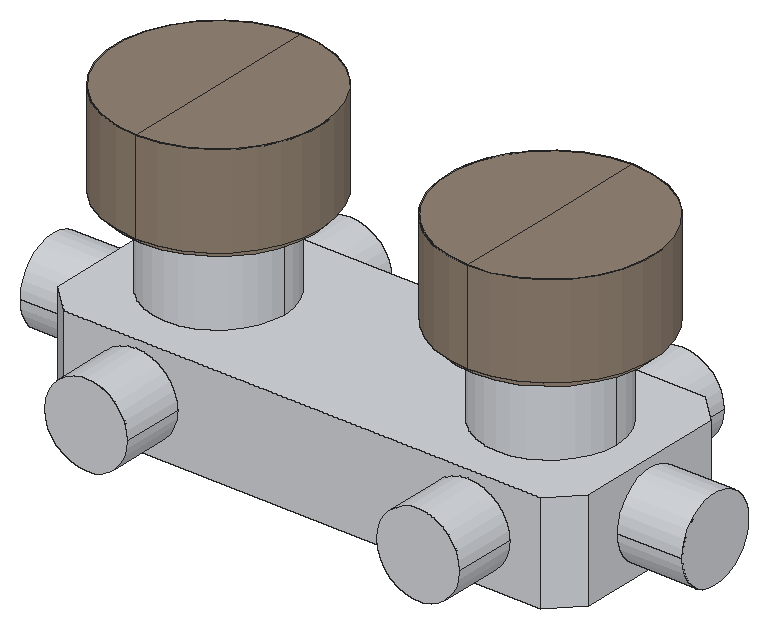
Revit family "Reece_Tap_Milli_Pure_Dual Mixer_Progressive_Wall Mount_Linear Texture", category Plumbing Fixtures, host Face, Revit 2018
Family settings
  Host = Face
  Round Connector Dimension = Use Diameter
  Part Type = Normal
  Cut with Voids When Loaded = No
  Shared = Yes
  Room Calculation Point = Yes
Parameters (values of type "PVD Brushed Bronze")
  WFU = 0  # constant formula
  URL = "https://www.reece.com.au/product/-9511038"
  Type Comments = "Tap"
  Reece_Tap_Inlet = 12 mm  # constant formula
  Reece_Product_Web Page = "https://www.reece.com.au/product/-9511038"
  Reece_Product_Type = "Tap"  # constant formula
  Reece_Product_Sub Brand = "Pure"  # constant formula
  Reece_Product_Number = "9511038"
  Reece_Product_Mount = "Wall Mounted"
  Reece_Product_Description = "Milli Pure Progressive Dual Mixer Tap System with Linear Textured Handles PVD Brushed Bronze"
  Reece_Product_Brand = "Milli"  # constant formula
  Reece_Overall_Width = 62 mm  # constant formula
  Reece_Overall_Height = 30 mm  # constant formula
  Reece_Material_Secondary = Reece_PVD_Brushed Bronze_Linear Pattern
  Reece_Material-Main = Reece_PVD_Brushed Bronze
  Reece_Detail_Tap_Handle Texture = "Linear Texture"  # constant formula
  Reece_Detail_Installation = ""
  Reece_Detail_Disclaimer = "THIS FILE IS THE PROPERTY OF THE REECE GROUP. IT MAY NOT BE REPRODUCED, REVERSE-ENGINEERED OR MODIFIED. ANY REPUBLICATION, TRANSMISSION OR DISTRIBUTION FOR THE PURPOSE OF COMMERCIALLY EXPLOITING THE FILES IS PROHIBITED."  # constant formula
  Reece_Detail_Connector = ""
  Reece_Detail_Additional = ""
  Reece_3D Texture = no
  Reece_3D Simplified Geometry = not(Reece_3D Texture)  # yes
  Model = "Pure"
  Manufacturer = "Milli"
  Keynote = "Product #9511038, Reece_Tap_Milli_Pure_Dual Mixer_Progressive_Wall Mount_Linear Texture - PVD Brushed Bronze"
  HWFU = 0  # constant formula
  Disclaimer = "THIS FILE IS THE PROPERTY OF THE REECE GROUP. IT MAY NOT BE REPRODUCED, REVERSE-ENGINEERED OR MODIFIED. ANY REPUBLICATION, TRANSMISSION OR DISTRIBUTION FOR THE PURPOSE OF COMMERCIALLY EXPLOITING THE FILES IS PROHIBITED."  # constant formula
  Description = "Milli Pure Progressive Dual Mixer Tap System with Linear Textured Handles PVD Brushed Bronze"
  Default Elevation = 1000 mm
  CWFU = 0  # constant formula
Types (7, lengths in mm): name | URL | Reece_Product_Web Page | Reece_Product_Number | Reece_Product_Description | Reece_Material_Secondary | Reece_Material-Main | Keynote | Description
  (no name) | "https://www.reece.com.au/product/-2224768" | "https://www.reece.com.au/product/-2224768" | "2224768" | "Milli Pure Progressive Dual Mixer Tap System with Linear Textured Handles Brushed Gunmetal" | Reece_Brass_Brushed Gunmetal_Linear Pattern | Reece_Brass_Brushed Gunmetal | "Product #2224768, Reece_Tap_Milli_Pure_Dual Mixer_Progressive_Wall Mount_Linear Texture -  " | "Milli Pure Progressive Dual Mixer Tap System with Linear Textured Handles Brushed Gunmetal"
  Brushed Gunmetal | "https://www.reece.com.au/product/-2224768" | "https://www.reece.com.au/product/-2224768" | "2224768" | "Milli Pure Progressive Dual Mixer Tap System with Linear Textured Handles Brushed Gunmetal" | Reece_Brass_Brushed Gunmetal_Linear Pattern | Reece_Brass_Brushed Gunmetal | "Product #2224768, Reece_Tap_Milli_Pure_Dual Mixer_Progressive_Wall Mount_Linear Texture - Brushed Gunmetal" | "Milli Pure Progressive Dual Mixer Tap System with Linear Textured Handles Brushed Gunmetal"
  Chrome | "https://www.reece.com.au/product/-2224766" | "https://www.reece.com.au/product/-2224766" | "2224766" | "Milli Pure Progressive Dual Mixer Tap System with Linear Textured Handles Chrome" | Reece_Brass_Chrome_Linear Pattern | Reece_Brass_Chrome | "Product #2224766, Reece_Tap_Milli_Pure_Dual Mixer_Progressive_Wall Mount_Linear Texture - Chrome" | "Milli Pure Progressive Dual Mixer Tap System with Linear Textured Handles Chrome"
  Matte Black | "https://www.reece.com.au/product/-2224769" | "https://www.reece.com.au/product/-2224769" | "2224769" | "Milli Pure Progressive Dual Mixer Tap System with Linear Textured Handles Matte Black" | Reece_Brass_Matte Black_Linear Pattern | Reece_Brass_Matte Black | "Product #2224769, Reece_Tap_Milli_Pure_Dual Mixer_Progressive_Wall Mount_Linear Texture - Matte Black" | "Milli Pure Progressive Dual Mixer Tap System with Linear Textured Handles Matte Black"
  Brushed Nickel | "https://www.reece.com.au/product/-2224767" | "https://www.reece.com.au/product/-2224767" | "2224767" | "Milli Pure Progressive Dual Mixer Tap System with Linear Textured Handles Brushed Nickel" | Reece_Brass_Brushed Nickel_Linear Pattern | Reece_Brass_Brushed Nickel | "Product #2224767, Reece_Tap_Milli_Pure_Dual Mixer_Progressive_Wall Mount_Linear Texture - Brushed Nickel" | "Milli Pure Progressive Dual Mixer Tap System with Linear Textured Handles Brushed Nickel"
  PVD Brushed Bronze | "https://www.reece.com.au/product/-9511038" | "https://www.reece.com.au/product/-9511038" | "9511038" | "Milli Pure Progressive Dual Mixer Tap System with Linear Textured Handles PVD Brushed Bronze" | Reece_PVD_Brushed Bronze_Linear Pattern | Reece_PVD_Brushed Bronze | "Product #9511038, Reece_Tap_Milli_Pure_Dual Mixer_Progressive_Wall Mount_Linear Texture - PVD Brushed Bronze" | "Milli Pure Progressive Dual Mixer Tap System with Linear Textured Handles PVD Brushed Bronze"
  PVD Brushed Gold | "https://www.reece.com.au/product/-9510853" | "https://www.reece.com.au/product/-9510853" | "9510853" | "Milli Pure Progressive Dual Mixer Tap System with Linear Textured Handles PVD Brushed Gold" | Reece_PVD_Brushed Gold_Linear Pattern | Reece_PVD_Brushed Gold | "Product #9510853, Reece_Tap_Milli_Pure_Dual Mixer_Progressive_Wall Mount_Linear Texture - PVD Brushed Gold" | "Milli Pure Progressive Dual Mixer Tap System with Linear Textured Handles PVD Brushed Gold"
Reference planes
  plane 1 "Center (Front/Back)": y = 0
  plane 2 "Bottom": z = 0
  plane 3 "Center (Left/Right)": x = 0
  plane 4 "Top": z = 30
  plane 5: y = -31
  plane 6: y = 31
Forms (mm)
  Extrusion 1, solid
    sketch origin (0, 0, 0) x (1, 0, 0) y (0, 1, 0)
      loop
        circle (50, 0) r 20
    from 0 to -25
  Extrusion 2, solid
    sketch origin (0, 0, 0) x (1, 0, 0) y (0, 1, 0)
      loop
        line (-71.853, 31) -> (-80, 22.853) -> (-80, -22.853) -> (-71.853, -31) -> (71.853, -31) -> (80, -22.853) -> (80, 22.853) -> (71.853, 31) -> (-71.853, 31)
    from -55 to -25
  Extrusion 3, solid
    sketch origin (33.5, 50, 0) x (0, -1, 0) y (0, 0, 1)
      loop
        circle (50, -40) r 12.5
    from -66.119 to -46.5
  Extrusion 4, void
    sketch origin (100, 0, 0) x (-1, 0, 0) y (0, -1, 0)
      loop
        circle (50, 0) r 25
    from 0 to -30
  Extrusion 5, solid
    sketch origin (66.5, 50, 0) x (0, -1, 0) y (0, 0, -1)
      loop
        circle (50, 40) r 12.5
    from -66.5 to -46.5
  Extrusion 6, solid
    sketch origin (0, 0, 0) x (-1, 0, 0) y (0, -1, 0)
      loop
        circle (50, 0) r 20
    from 0 to -25
  Extrusion 7, solid
    sketch origin (-33.5, 50, 0) x (0, -1, 0) y (0, 0, -1)
      loop
        circle (50, 40) r 12.5
    from -66.119 to -46.5
  Extrusion 8, solid
    sketch origin (-66.5, 50, 0) x (0, -1, 0) y (0, 0, 1)
      loop
        circle (50, -40) r 12.5
    from -66.5 to -46.5
  Extrusion 9, solid
    sketch origin (0, -16.5, 0) x (1, 0, 0) y (0, 0, 1)
      loop
        circle (50, -40) r 12.5
    from -66.119 to -46.5
  Extrusion 10, solid
    sketch origin (0, -16.5, 0) x (-1, 0, 0) y (0, 0, -1)
      loop
        circle (50, 40) r 12.5
    from -66.119 to -46.5
  Extrusion 11, void
    sketch origin (-100, 0, 0) x (1, 0, 0) y (0, 1, 0)
      loop
        circle (50, 0) r 25
    from 0 to -30
  Extrusion 12, solid
    sketch origin (0, 0, 0) x (-1, 0, 0) y (0, -1, 0)
      loop
        circle (50, 0) r 20
    from 0 to -25
  Extrusion 13, solid
    sketch origin (0, 16.5, 0) x (1, 0, 0) y (0, 0, -1)
      loop
        circle (50, 40) r 12.5
    from -66.119 to -46.5
  Extrusion 14, solid
    sketch origin (0, 16.5, 0) x (-1, 0, 0) y (0, 0, 1)
      loop
        circle (50, -40) r 12.5
    from -66.119 to -46.5
Cuts and joins
  Extrusion 11 cuts Extrusion 1
  Extrusion 4, Extrusion 11 cuts Extrusion 3
  joined: Extrusion 1, Extrusion 2, Extrusion 3, Extrusion 6, Extrusion 7, Extrusion 9, Extrusion 10, Extrusion 12, Extrusion 13, Extrusion 14
  joined: Extrusion 5, Extrusion 8
Text (mm)
  text "Reece Copyright © 2018, Reece Ltd." at (-1146.244, -273.583, 0), in view "Ref. Level"
  text "Reece ©" at (44.384, 258.95, 192.345), in view "Reece Preview"
Dimensions and locks
  "Reece_Overall_Width": plane 6 to plane 5
  "Reece_Overall_Height": plane 4 "Top" to plane 2 "Bottom"  (x2)
  equal spacing: plane 6, plane 1 "Center (Front/Back)", plane 5
  aligned and locked: plane 2 "Bottom" to host face
  aligned and locked: level to host face
Automatic sketch dimensions
  host sketch curve to host sketch curve = 380.785 mm
  host sketch curve to host sketch curve = 317.421 mm
  Extrusion 1 sketch curve to Extrusion 1 sketch curve = 0 mm  (x2)
  plane 1 "Center (Front/Back)" to Extrusion 1 sketch curve = 0 mm
  plane 3 "Center (Left/Right)" to Extrusion 1 sketch curve = 50 mm
  Extrusion 1 sketch curve to Extrusion 1 sketch curve = 20 mm
  Extrusion 2 sketch curve to plane 6 = 0 mm
  plane 5 to Extrusion 2 sketch curve = 0 mm
  Extrusion 2 sketch curve to plane 5 = 8.147 mm  (x2)
  Extrusion 2 sketch curve to plane 3 "Center (Left/Right)" = 80 mm
  Extrusion 2 sketch curve to Extrusion 2 sketch curve = 8.147 mm  (x3)
  plane 3 "Center (Left/Right)" to Extrusion 2 sketch curve = 71.853 mm
  Extrusion 2 sketch curve to Extrusion 2 sketch curve = 0 mm
  Extrusion 2 sketch curve to plane 6 = 8.147 mm  (x2)
  Extrusion 3 sketch curve to plane 1 "Center (Front/Back)" = 0 mm
  Extrusion 3 sketch curve to level = 40 mm
  Extrusion 4 sketch curve to Extrusion 4 sketch curve = 0 mm  (x2)
  plane 1 "Center (Front/Back)" to Extrusion 4 sketch curve = 0 mm
  Extrusion 4 sketch curve to plane 3 "Center (Left/Right)" = 50 mm
  Extrusion 4 sketch curve to Extrusion 4 sketch curve = 25 mm
  Extrusion 5 sketch curve to plane 1 "Center (Front/Back)" = 0 mm
  Extrusion 5 sketch curve to level = 40 mm
  Extrusion 6 sketch curve to Extrusion 6 sketch curve = 0 mm  (x2)
  plane 1 "Center (Front/Back)" to Extrusion 6 sketch curve = 0 mm
  plane 3 "Center (Left/Right)" to Extrusion 6 sketch curve = 50 mm
  Extrusion 6 sketch curve to Extrusion 6 sketch curve = 20 mm
  Extrusion 7 sketch curve to plane 1 "Center (Front/Back)" = 0 mm
  Extrusion 7 sketch curve to level = 40 mm
  Extrusion 8 sketch curve to plane 1 "Center (Front/Back)" = 0 mm
  Extrusion 8 sketch curve to level = 40 mm
  plane 3 "Center (Left/Right)" to Extrusion 9 sketch curve = 50 mm
  Extrusion 9 sketch curve to level = 40 mm
  Extrusion 10 sketch curve to plane 3 "Center (Left/Right)" = 50 mm
  Extrusion 10 sketch curve to level = 40 mm
  Extrusion 11 sketch curve to Extrusion 11 sketch curve = 0 mm  (x2)
  plane 1 "Center (Front/Back)" to Extrusion 11 sketch curve = 0 mm
  Extrusion 11 sketch curve to plane 3 "Center (Left/Right)" = 50 mm
  Extrusion 11 sketch curve to Extrusion 11 sketch curve = 25 mm
  Extrusion 12 sketch curve to Extrusion 12 sketch curve = 0 mm  (x2)
  plane 1 "Center (Front/Back)" to Extrusion 12 sketch curve = 0 mm
  plane 3 "Center (Left/Right)" to Extrusion 12 sketch curve = 50 mm
  Extrusion 12 sketch curve to Extrusion 12 sketch curve = 20 mm
  plane 3 "Center (Left/Right)" to Extrusion 13 sketch curve = 50 mm
  Extrusion 13 sketch curve to level = 40 mm
  Extrusion 14 sketch curve to plane 3 "Center (Left/Right)" = 50 mm
  Extrusion 14 sketch curve to level = 40 mm
  radius of Extrusion 3 sketch curve = 12.5 mm
  radius of Extrusion 5 sketch curve = 12.5 mm
  radius of Extrusion 7 sketch curve = 12.5 mm
  radius of Extrusion 8 sketch curve = 12.5 mm
  radius of Extrusion 9 sketch curve = 12.5 mm
  radius of Extrusion 10 sketch curve = 12.5 mm
  radius of Extrusion 13 sketch curve = 12.5 mm
  radius of Extrusion 14 sketch curve = 12.5 mm
Nested families
  nested 1: "Reece_Tap_Milli_Pure_Diverter_Texture_Main_Nested" at (50, 0, 0), visible <- "Reece_3D Simplified Geometry", Reece_Material-Main <- "Reece_Material-Main", Reece_Material_Secondary <- "Reece_Material_Secondary", type "62mm x 30mm"
    with Reece_Material_Secondary Reece_PVD_Brushed Bronze_Linear Pattern, Reece_Material-Main Reece_PVD_Brushed Bronze
  nested 2: "Reece_Tap_Milli_Pure_Diverter_Texture_Main_Nested" at (-50, 0, 0) x (-1, 0, 0) z (0, 0, 1), visible <- "Reece_3D Simplified Geometry", Reece_Material-Main <- "Reece_Material-Main", Reece_Material_Secondary <- "Reece_Material_Secondary", type "62mm x 30mm"
    with Reece_Material_Secondary Reece_PVD_Brushed Bronze_Linear Pattern, Reece_Material-Main Reece_PVD_Brushed Bronze
  nested 3: "Reece_Tap_Milli_Pure_Diverter_Linear Texture_Cap_62mm" at (50, 0, 0), visible <- "Reece_3D Texture", Reece_Material-Main <- "Reece_Material-Main", Reece_Material_Secondary <- "Reece_Material_Secondary", type "62mm x 30mm"
    with Reece_Material_Secondary Reece_PVD_Brushed Bronze_Linear Pattern, Reece_Material-Main Reece_PVD_Brushed Bronze
  nested 4: "Reece_Tap_Milli_Pure_Diverter_Linear Texture_Cap_62mm" at (-50, 0, 0) x (-1, 0, 0) z (0, 0, 1), visible <- "Reece_3D Texture", Reece_Material-Main <- "Reece_Material-Main", Reece_Material_Secondary <- "Reece_Material_Secondary", type "62mm x 30mm"
    with Reece_Material_Secondary Reece_PVD_Brushed Bronze_Linear Pattern, Reece_Material-Main Reece_PVD_Brushed Bronze
Connectors
  piping at (99.619, 0, -40), diameter 12, driven by "Reece_Tap_Inlet"
    settings: on cut or joined group of Extrusion 1, Extrusion 2, Extrusion 3, Extrusion 4, Extrusion 6, Extrusion 7, Extrusion 9, Extrusion 10, Extrusion 11, Extrusion 12, Extrusion 13, Extrusion 14, index 2, connector inside diameter 609.6 mm, connector length 0 mm, flow factor 0, pipe flow 0.0 L/s, pressure drop 0.0 Pa, fitting loss kfactor 0, connector angle 0.00°, fixture units 0, engagement length 0 mm, angle of deflection 0.00°, flow configuration 0, flow direction 1, fitting loss method 0, system type 29, joint type 0, gender type 0, connector reference index -1, connector utility 0, adjustable connector no, is connector primary yes, connector description ""
  piping at (-99.619, 0, -40), diameter 12, driven by "Reece_Tap_Inlet"
    settings: on Extrusion 7, index 6, connector inside diameter 609.6 mm, connector length 0 mm, flow factor 0, pipe flow 0.0 L/s, pressure drop 0.0 Pa, fitting loss kfactor 0, connector angle 0.00°, fixture units 0, engagement length 0 mm, angle of deflection 0.00°, flow configuration 0, flow direction 1, fitting loss method 0, system type 29, joint type 0, gender type 0, connector reference index -1, connector utility 0, adjustable connector no, is connector primary no, connector description ""
  piping at (-50, 49.619, -40), diameter 12, driven by "Reece_Tap_Inlet"
    settings: on Extrusion 10, index 7, connector inside diameter 609.6 mm, connector length 0 mm, flow factor 0, pipe flow 0.0 L/s, pressure drop 0.0 Pa, fitting loss kfactor 0, connector angle 0.00°, fixture units 0, engagement length 0 mm, angle of deflection 0.00°, flow configuration 0, flow direction 1, fitting loss method 0, system type 29, joint type 0, gender type 0, connector reference index -1, connector utility 0, adjustable connector no, is connector primary no, connector description ""
  piping at (50, 49.619, -40), diameter 12, driven by "Reece_Tap_Inlet"
    settings: on Extrusion 9, index 8, connector inside diameter 609.6 mm, connector length 0 mm, flow factor 0, pipe flow 0.0 L/s, pressure drop 0.0 Pa, fitting loss kfactor 0, connector angle 0.00°, fixture units 0, engagement length 0 mm, angle of deflection 0.00°, flow configuration 0, flow direction 1, fitting loss method 0, system type 29, joint type 0, gender type 0, connector reference index -1, connector utility 0, adjustable connector no, is connector primary no, connector description ""
  piping at (-50, -49.619, -40), diameter 12, driven by "Reece_Tap_Inlet"
    settings: on Extrusion 14, index 9, connector inside diameter 609.6 mm, connector length 0 mm, flow factor 0, pipe flow 0.0 L/s, pressure drop 0.0 Pa, fitting loss kfactor 0, connector angle 0.00°, fixture units 0, engagement length 0 mm, angle of deflection 0.00°, flow configuration 0, flow direction 2, fitting loss method 0, system type 29, joint type 0, gender type 0, connector reference index -1, connector utility 0, adjustable connector no, is connector primary no, connector description ""
  piping at (50, -49.619, -40), diameter 12, driven by "Reece_Tap_Inlet"
    settings: on Extrusion 13, index 10, connector inside diameter 609.6 mm, connector length 0 mm, flow factor 0, pipe flow 0.0 L/s, pressure drop 0.0 Pa, fitting loss kfactor 0, connector angle 0.00°, fixture units 0, engagement length 0 mm, angle of deflection 0.00°, flow configuration 0, flow direction 2, fitting loss method 0, system type 29, joint type 0, gender type 0, connector reference index -1, connector utility 0, adjustable connector no, is connector primary no, connector description ""
Definition of nested family "Reece_Tap_Milli_Pure_Diverter_Texture_Main_Nested"
  Parameters (values of type "54mm x 30mm")
    WFU = 0  # constant formula
    Reece_Overall_Width = 54 mm
    Reece_Overall_Height = 30 mm
    Reece_Material_Secondary [instance] = none
    Reece_Material-Main [instance] = none
    Reece_Detail_Installation = ""
    Reece_Detail_Connector = ""
    Reece_Detail_Additional = ""
    HWFU = 0  # constant formula
    Default Elevation = 1000 mm
    CWFU = 0  # constant formula
  Types (3, lengths in mm): name | Reece_Overall_Width | Reece_Overall_Height
    62mm x 30mm | 62 | 30
    60mm x 28mm | 60 | 28
    54mm x 30mm | 54 | 30
  Reference planes
    plane 1 "Center (Front/Back)": y = 0
    plane 2 "Bottom": z = 0
    plane 3 "Center (Left/Right)": x = 0
    plane 4: y = -27
    plane 5: y = 27
    plane 6: z = 30
    plane 7: y = -25
    plane 8: y = 25
    plane 9: z = 16
    plane 10: z = 2
  Forms (mm)
    Extrusion 1, solid
      sketch origin (619.2, -619.2, 0) x (1, 0, 0) y (0, 1, 0)
        loop
          line (-809.2, 779.2) -> (-809.2, 461.779) -> (-428.415, 461.779) -> (-428.415, 779.2) -> (-809.2, 779.2)
      from 0 to -9.564
    Revolve 2, solid, material <- "Reece_Material_Secondary"
      sketch origin (0, 50, 0) x (0, -1, 0) y (0, 0, 1)
        loop
          line (50, 0) -> (75, 0) -> (75, 2) -> (77, 2) -> (77, 30) -> (75, 28) -> (50, 28) -> (50, 0)
        axis (50, 0) -> (50, 30)
      angle from 0 to 360
    Revolve 3, solid, material <- "Reece_Material-Main"
      sketch origin (0, 50, 0) x (0, -1, 0) y (0, 0, 1)
        loop
          line (77, 30) -> (50, 30) -> (50, 28) -> (75, 28) -> (77, 30)
        axis (50, 28) -> (50, 30)
      angle from 0 to 360
  Text (mm)
    text "Reece Copyright © 2018, Reece Ltd." at (-1403.988, -1192.393, 0), in view "Ref. Level"
    text "Reece ©" at (44.384, 258.95, 192.345), in view "Reece Preview"
  Dimensions and locks
    equal spacing: plane 5, plane 1 "Center (Front/Back)", plane 4
    "Reece_Overall_Width": plane 5 to plane 4
    "Reece_Overall_Height": plane 6 to plane 2 "Bottom"
    locked: plane 7 to plane 4 at 2
    locked: plane 5 to plane 8 at 2
    equal spacing: plane 6, plane 9, plane 10
    locked: plane 10 to plane 2 "Bottom" at 2
    aligned and locked: plane 2 "Bottom" to Extrusion 1
    aligned and locked: level to Extrusion 1
    aligned and locked: plane 7 to Revolve 2 sketch curve
  Automatic sketch dimensions
    Extrusion 1 sketch curve to Extrusion 1 sketch curve = 380.785 mm
    Extrusion 1 sketch curve to Extrusion 1 sketch curve = 317.421 mm
    Revolve 2 sketch curve to plane 1 "Center (Front/Back)" = 0 mm  (x2)
    Revolve 2 sketch curve to level = 0 mm
    Revolve 2 sketch curve to plane 7 = 0 mm
    Revolve 2 sketch curve to plane 4 = 0 mm
    Revolve 2 sketch curve to plane 6 = 0 mm  (x2)
    level to Revolve 2 sketch curve = 2 mm
    Revolve 2 sketch curve to plane 6 = 2 mm
    Revolve 2 sketch curve to Revolve 2 sketch curve = 10 mm
    Revolve 3 sketch curve to plane 1 "Center (Front/Back)" = 0 mm  (x2)
    Revolve 3 sketch curve to plane 7 = 0 mm
    Revolve 3 sketch curve to plane 4 = 0 mm
    Revolve 3 sketch curve to plane 6 = 0 mm  (x2)
    Revolve 3 sketch curve to plane 6 = 2 mm
    Revolve 3 sketch curve to Revolve 3 sketch curve = 10 mm
Definition of nested family "Reece_Tap_Milli_Pure_Diverter_Linear Texture_Cap_62mm"
  Parameters (values of type "62mm x 30mm")
    WFU = 0  # constant formula
    Reece_Overall_Width = 62 mm
    Reece_Overall_Height = 30 mm  # constant formula
    Reece_Material_Secondary [instance] = none
    Reece_Material-Main [instance] = none
    Reece_Detail_Installation = ""
    Reece_Detail_Connector = ""
    Reece_Detail_Additional = ""
    HWFU = 0  # constant formula
    Default Elevation = 1000 mm
    CWFU = 0  # constant formula
  Reference planes
    plane 1 "Center (Front/Back)": y = 0
    plane 2 "Bottom": z = 0
    plane 3 "Center (Left/Right)": x = 0
    plane 4: y = -31
    plane 5: y = 31
    plane 6: z = 30
    plane 7: y = -29
    plane 8: y = 29
  Forms (mm)
    Extrusion 1, solid
      sketch origin (619.2, -619.2, 0) x (1, 0, 0) y (0, 1, 0)
        loop
          line (-809.2, 779.2) -> (-809.2, 461.779) -> (-428.415, 461.779) -> (-428.415, 779.2) -> (-809.2, 779.2)
      from 0 to -9.564
    Revolve 2, solid, material <- "Reece_Material-Main"
      sketch origin (0, 0, -140.292) x (0, 1, 0) y (0, 0, 1)
        loop
          line (0, 148.292) -> (-31, 148.292) -> (-31, 142.292) -> (-29, 142.292) -> (-29, 140.292) -> (-27, 140.292) -> (-27, 144.803) -> (0, 144.803) -> (0, 148.292)
        axis (0, 140.292) -> (0, 148.292)
      angle from 0 to 360
    Extrusion 3, solid, material <- "Reece_Material-Main"
      sketch origin (300, 0, 0) x (1, 0, 0) y (0, 1, 0)
        loop
          arc (-296.03, 29.736) -> (-296.921, 30.824) -> (-298.01, 29.934) r 0.995
          arc (-298.01, 29.934) -> (-298.685, 30.924) -> (-299.653, 30.218) r 0.834
          arc (-299.653, 30.218) -> (-300.619, 30.953) -> (-301.333, 29.97) r 0.849
          arc (-301.333, 29.97) -> (-302.402, 30.885) -> (-303.318, 29.816) r 0.995
          arc (-303.318, 29.816) -> (-304.445, 30.657) -> (-305.288, 29.53) r 0.995
          arc (-305.288, 29.53) -> (-306.469, 30.295) -> (-307.234, 29.115) r 0.995
          arc (-307.234, 29.115) -> (-308.464, 29.799) -> (-309.149, 28.571) r 0.995
          arc (-309.149, 28.571) -> (-310.421, 29.172) -> (-311.024, 27.901) r 0.995
          arc (-311.024, 27.901) -> (-312.333, 28.417) -> (-312.85, 27.108) r 0.995
          arc (-312.85, 27.108) -> (-314.191, 27.536) -> (-314.62, 26.197) r 0.995
          arc (-314.62, 26.197) -> (-315.986, 26.535) -> (-316.325, 25.169) r 0.995
          arc (-316.325, 25.169) -> (-317.71, 25.416) -> (-317.958, 24.031) r 0.995
          arc (-317.958, 24.031) -> (-319.357, 24.186) -> (-319.513, 22.787) r 0.995
          arc (-319.513, 22.787) -> (-320.918, 22.849) -> (-320.981, 21.443) r 0.995
          arc (-320.981, 21.443) -> (-322.388, 21.411) -> (-322.357, 20.004) r 0.995
          arc (-322.357, 20.004) -> (-323.758, 19.879) -> (-323.634, 18.478) r 0.995
          arc (-323.634, 18.478) -> (-325.024, 18.26) -> (-324.808, 16.869) r 0.995
          arc (-324.808, 16.869) -> (-326.18, 16.56) -> (-325.872, 15.187) r 0.995
          arc (-325.872, 15.187) -> (-327.221, 14.787) -> (-326.822, 13.438) r 0.995
          arc (-326.822, 13.438) -> (-328.142, 12.949) -> (-327.654, 11.629) r 0.995
          arc (-327.654, 11.629) -> (-328.938, 11.054) -> (-328.365, 9.77) r 0.995
          arc (-328.365, 9.77) -> (-329.608, 9.111) -> (-328.95, 7.867) r 0.995
          arc (-328.95, 7.867) -> (-330.147, 7.127) -> (-329.408, 5.93) r 0.995
          arc (-329.408, 5.93) -> (-330.553, 5.112) -> (-329.737, 3.966) r 0.995
          arc (-329.737, 3.966) -> (-330.825, 3.074) -> (-329.934, 1.985) r 0.995
          arc (-329.934, 1.985) -> (-330.961, 1.023) -> (-330, -0.004) r 0.995
          arc (-330, -0.004) -> (-330.961, -1.032) -> (-329.934, -1.994) r 0.995
          arc (-329.934, -1.994) -> (-330.824, -3.083) -> (-329.736, -3.975) r 0.995
          arc (-329.736, -3.975) -> (-330.552, -5.121) -> (-329.406, -5.938) r 0.995
          arc (-329.406, -5.938) -> (-330.145, -7.136) -> (-328.948, -7.875) r 0.995
          arc (-328.948, -7.875) -> (-329.605, -9.119) -> (-328.362, -9.778) r 0.995
          arc (-328.362, -9.778) -> (-328.935, -11.063) -> (-327.651, -11.637) r 0.995
          arc (-327.651, -11.637) -> (-328.138, -12.957) -> (-326.818, -13.446) r 0.995
          arc (-326.818, -13.446) -> (-327.216, -14.795) -> (-325.867, -15.195) r 0.995
          arc (-325.867, -15.195) -> (-326.175, -16.567) -> (-324.803, -16.877) r 0.995
          arc (-324.803, -16.877) -> (-325.019, -18.267) -> (-323.629, -18.484) r 0.995
          arc (-323.629, -18.484) -> (-323.752, -19.886) -> (-322.351, -20.011) r 0.995
          arc (-322.351, -20.011) -> (-322.381, -21.417) -> (-320.975, -21.449) r 0.995
          arc (-320.975, -21.449) -> (-320.912, -22.855) -> (-319.506, -22.793) r 0.995
          arc (-319.506, -22.793) -> (-319.35, -24.191) -> (-317.951, -24.036) r 0.995
          arc (-317.951, -24.036) -> (-317.703, -25.421) -> (-316.318, -25.174) r 0.995
          arc (-316.318, -25.174) -> (-315.978, -26.539) -> (-314.612, -26.201) r 0.995
          arc (-314.612, -26.201) -> (-314.183, -27.541) -> (-312.842, -27.112) r 0.995
          arc (-312.842, -27.112) -> (-312.325, -28.421) -> (-311.016, -27.904) r 0.995
          arc (-311.016, -27.904) -> (-310.413, -29.175) -> (-309.141, -28.573) r 0.995
          arc (-309.141, -28.573) -> (-308.455, -29.802) -> (-307.226, -29.117) r 0.995
          arc (-307.226, -29.117) -> (-306.46, -30.297) -> (-305.279, -29.532) r 0.995
          arc (-305.279, -29.532) -> (-304.436, -30.659) -> (-303.309, -29.817) r 0.995
          arc (-303.309, -29.817) -> (-302.393, -30.885) -> (-301.324, -29.971) r 0.995
          arc (-301.324, -29.971) -> (-300.34, -30.976) -> (-299.333, -29.993) r 0.995
          arc (-299.333, -29.993) -> (-298.285, -30.93) -> (-297.346, -29.882) r 0.995
          arc (-297.346, -29.882) -> (-296.237, -30.748) -> (-295.37, -29.641) r 0.995
          arc (-295.37, -29.641) -> (-294.206, -30.431) -> (-293.414, -29.268) r 0.995
          arc (-293.414, -29.268) -> (-292.201, -29.98) -> (-291.488, -28.767) r 0.995
          arc (-291.488, -28.767) -> (-290.229, -29.397) -> (-289.598, -28.139) r 0.995
          arc (-289.598, -28.139) -> (-288.301, -28.684) -> (-287.755, -27.387) r 0.995
          arc (-287.755, -27.387) -> (-286.425, -27.845) -> (-285.966, -26.515) r 0.995
          arc (-285.966, -26.515) -> (-284.608, -26.883) -> (-284.238, -25.526) r 0.995
          arc (-284.238, -25.526) -> (-282.859, -25.803) -> (-282.58, -24.424) r 0.995
          arc (-282.58, -24.424) -> (-281.185, -24.61) -> (-280.999, -23.215) r 0.995
          arc (-280.999, -23.215) -> (-279.595, -23.308) -> (-279.501, -21.904) r 0.995
          arc (-279.501, -21.904) -> (-278.094, -21.903) -> (-278.093, -20.496) r 0.995
          arc (-278.093, -20.496) -> (-276.689, -20.402) -> (-276.782, -18.998) r 0.995
          arc (-276.782, -18.998) -> (-275.388, -18.811) -> (-275.573, -17.416) r 0.995
          arc (-275.573, -17.416) -> (-274.194, -17.137) -> (-274.472, -15.758) r 0.995
          arc (-274.472, -15.758) -> (-273.114, -15.388) -> (-273.483, -14.03) r 0.995
          arc (-273.483, -14.03) -> (-272.153, -13.571) -> (-272.611, -12.241) r 0.995
          arc (-272.611, -12.241) -> (-271.314, -11.694) -> (-271.859, -10.397) r 0.995
          arc (-271.859, -10.397) -> (-270.602, -9.766) -> (-271.232, -8.508) r 0.995
          arc (-271.232, -8.508) -> (-270.019, -7.795) -> (-270.731, -6.582) r 0.995
          arc (-270.731, -6.582) -> (-269.568, -5.79) -> (-270.359, -4.626) r 0.995
          arc (-270.359, -4.626) -> (-269.251, -3.759) -> (-270.117, -2.65) r 0.995
          arc (-270.117, -2.65) -> (-269.069, -1.711) -> (-270.007, -0.662) r 0.995
          arc (-270.007, -0.662) -> (-269.024, 0.344) -> (-270.029, 1.328) r 0.995
          arc (-270.029, 1.328) -> (-269.115, 2.398) -> (-270.184, 3.313) r 0.995
          arc (-270.184, 3.313) -> (-269.342, 4.441) -> (-270.469, 5.283) r 0.995
          arc (-270.469, 5.283) -> (-269.704, 6.464) -> (-270.884, 7.23) r 0.995
          arc (-270.884, 7.23) -> (-270.2, 8.459) -> (-271.428, 9.145) r 0.995
          arc (-271.428, 9.145) -> (-270.826, 10.417) -> (-272.097, 11.02) r 0.995
          arc (-272.097, 11.02) -> (-271.581, 12.329) -> (-272.89, 12.846) r 0.995
          arc (-272.89, 12.846) -> (-272.462, 14.187) -> (-273.801, 14.616) r 0.995
          arc (-273.801, 14.616) -> (-273.463, 15.982) -> (-274.828, 16.321) r 0.995
          arc (-274.828, 16.321) -> (-274.581, 17.706) -> (-275.966, 17.955) r 0.995
          arc (-275.966, 17.955) -> (-275.812, 19.353) -> (-277.21, 19.509) r 0.995
          arc (-277.21, 19.509) -> (-277.148, 20.915) -> (-278.554, 20.978) r 0.995
          arc (-278.554, 20.978) -> (-278.586, 22.384) -> (-279.992, 22.354) r 0.995
          arc (-279.992, 22.354) -> (-280.118, 23.755) -> (-281.519, 23.632) r 0.995
          arc (-281.519, 23.632) -> (-281.737, 25.022) -> (-283.127, 24.805) r 0.995
          arc (-283.127, 24.805) -> (-283.436, 26.178) -> (-284.809, 25.87) r 0.995
          arc (-284.809, 25.87) -> (-285.209, 27.219) -> (-286.558, 26.82) r 0.995
          arc (-286.558, 26.82) -> (-287.047, 28.14) -> (-288.367, 27.653) r 0.995
          arc (-288.367, 27.653) -> (-288.942, 28.937) -> (-290.226, 28.363) r 0.995
          arc (-290.226, 28.363) -> (-290.885, 29.606) -> (-292.129, 28.949) r 0.995
          arc (-292.129, 28.949) -> (-292.869, 30.146) -> (-294.066, 29.407) r 0.995
          arc (-294.066, 29.407) -> (-294.884, 30.552) -> (-296.03, 29.736) r 0.995
      from 8 to 30
  Text (mm)
    text "Reece Copyright © 2018, Reece Ltd." at (-1403.988, -1192.393, 0), in view "Ref. Level"
    text "Reece ©" at (44.384, 258.95, 192.345), in view "Reece Preview"
  Dimensions and locks
    equal spacing: plane 5, plane 1 "Center (Front/Back)", plane 4
    "Reece_Overall_Width": plane 5 to plane 4
    "Reece_Overall_Height": plane 6 to plane 2 "Bottom"
    locked: plane 7 to plane 4 at 2
    locked: plane 5 to plane 8 at 2
    aligned and locked: plane 2 "Bottom" to Extrusion 1
    aligned and locked: level to Extrusion 1
  Automatic sketch dimensions
    Extrusion 1 sketch curve to Extrusion 1 sketch curve = 380.785 mm
    Extrusion 1 sketch curve to Extrusion 1 sketch curve = 317.421 mm
    Revolve 2 sketch curve to plane 4 = 0 mm
    level to Revolve 2 sketch curve = 0 mm
    Revolve 2 sketch curve to plane 7 = 0 mm
    Revolve 2 sketch curve to plane 1 "Center (Front/Back)" = 0 mm  (x2)
    plane 7 to Revolve 2 sketch curve = 2 mm
    level to Revolve 2 sketch curve = 2 mm
    level to Revolve 2 sketch curve = 4.511 mm
    Revolve 2 sketch curve to Revolve 2 sketch curve = 3.489 mm
    plane 6 to Revolve 2 sketch curve = 17.996 mm
    Revolve 2 sketch curve to Revolve 2 sketch curve = 3.712 mm
    Extrusion 3 sketch curve to plane 1 "Center (Front/Back)" = 0.99 mm
    Extrusion 3 sketch curve to Extrusion 3 sketch curve = 0 mm
    Extrusion 3 sketch curve to Extrusion 3 sketch curve = 0.132 mm  (x2)
    Extrusion 3 sketch curve to Extrusion 3 sketch curve = 0.263 mm
    Extrusion 3 sketch curve to Extrusion 3 sketch curve = 0.264 mm
    Extrusion 3 sketch curve to Extrusion 3 sketch curve = 0.393 mm
    Extrusion 3 sketch curve to Extrusion 3 sketch curve = 0.394 mm
    Extrusion 3 sketch curve to Extrusion 3 sketch curve = 0.522 mm  (x2)
    Extrusion 3 sketch curve to Extrusion 3 sketch curve = 0.648 mm  (x2)
    Extrusion 3 sketch curve to Extrusion 3 sketch curve = 0.771 mm
    Extrusion 3 sketch curve to Extrusion 3 sketch curve = 0.772 mm
    Extrusion 3 sketch curve to Extrusion 3 sketch curve = 0.891 mm
    Extrusion 3 sketch curve to Extrusion 3 sketch curve = 0.892 mm
    Extrusion 3 sketch curve to Extrusion 3 sketch curve = 1.007 mm  (x2)
    Extrusion 3 sketch curve to Extrusion 3 sketch curve = 1.008 mm
    Extrusion 3 sketch curve to Extrusion 3 sketch curve = 1.119 mm  (x3)
    Extrusion 3 sketch curve to Extrusion 3 sketch curve = 1.225 mm
    Extrusion 3 sketch curve to Extrusion 3 sketch curve = 1.226 mm  (x2)
    Extrusion 3 sketch curve to Extrusion 3 sketch curve = 1.327 mm  (x3)
    Extrusion 3 sketch curve to Extrusion 3 sketch curve = 1.422 mm  (x3)
    Extrusion 3 sketch curve to Extrusion 3 sketch curve = 1.511 mm  (x2)
    Extrusion 3 sketch curve to Extrusion 3 sketch curve = 1.512 mm
    Extrusion 3 sketch curve to Extrusion 3 sketch curve = 1.594 mm  (x3)
    Extrusion 3 sketch curve to Extrusion 3 sketch curve = 1.669 mm  (x2)
    Extrusion 3 sketch curve to Extrusion 3 sketch curve = 1.67 mm
    Extrusion 3 sketch curve to Extrusion 3 sketch curve = 1.737 mm  (x2)
    Extrusion 3 sketch curve to Extrusion 3 sketch curve = 1.738 mm
    Extrusion 3 sketch curve to Extrusion 3 sketch curve = 1.798 mm  (x3)
    plane 7 to Extrusion 3 sketch curve = 1.493 mm
    plane 8 to Extrusion 3 sketch curve = 0.765 mm
    Extrusion 3 sketch curve to Extrusion 3 sketch curve = 1.85 mm  (x2)
    plane 7 to Extrusion 3 sketch curve = 0.762 mm
    Extrusion 3 sketch curve to Extrusion 3 sketch curve = 1.851 mm
    plane 8 to Extrusion 3 sketch curve = 0.158 mm
    Extrusion 3 sketch curve to Extrusion 3 sketch curve = 1.895 mm  (x3)
    plane 7 to Extrusion 3 sketch curve = 0.156 mm
    Extrusion 3 sketch curve to plane 8 = 0.322 mm
    Extrusion 3 sketch curve to Extrusion 3 sketch curve = 1.931 mm  (x3)
    Extrusion 3 sketch curve to plane 7 = 0.323 mm
    Extrusion 3 sketch curve to Extrusion 3 sketch curve = 1.958 mm  (x2)
    Extrusion 3 sketch curve to Extrusion 3 sketch curve = 1.959 mm
    Extrusion 3 sketch curve to plane 8 = 0.892 mm
    Extrusion 3 sketch curve to Extrusion 3 sketch curve = 1.977 mm  (x3)
    Extrusion 3 sketch curve to plane 3 "Center (Left/Right)" = 0.496 mm
    Extrusion 3 sketch curve to plane 3 "Center (Left/Right)" = 0.329 mm
    plane 3 "Center (Left/Right)" to Extrusion 3 sketch curve = 1.173 mm
    plane 3 "Center (Left/Right)" to Extrusion 3 sketch curve = 1.66 mm
    Extrusion 3 sketch curve to Extrusion 3 sketch curve = 1.807 mm
    Extrusion 3 sketch curve to Extrusion 3 sketch curve = 1.982 mm  (x2)
    Extrusion 3 sketch curve to plane 8 = 0.571 mm
    Extrusion 3 sketch curve to Extrusion 3 sketch curve = 1.972 mm  (x3)
    Extrusion 3 sketch curve to plane 7 = 0.453 mm
    Extrusion 3 sketch curve to Extrusion 3 sketch curve = 1.966 mm
    Extrusion 3 sketch curve to plane 8 = 0.177 mm
    Extrusion 3 sketch curve to Extrusion 3 sketch curve = 1.95 mm  (x3)
    Extrusion 3 sketch curve to plane 7 = 0.017 mm
    Extrusion 3 sketch curve to Extrusion 3 sketch curve = 1.941 mm  (x2)
    plane 8 to Extrusion 3 sketch curve = 0.345 mm
    Extrusion 3 sketch curve to Extrusion 3 sketch curve = 1.92 mm  (x3)
    plane 7 to Extrusion 3 sketch curve = 0.548 mm
    Extrusion 3 sketch curve to Extrusion 3 sketch curve = 1.908 mm  (x2)
    Extrusion 3 sketch curve to Extrusion 3 sketch curve = 1.881 mm  (x3)
    plane 7 to Extrusion 3 sketch curve = 1.238 mm
    Extrusion 3 sketch curve to Extrusion 3 sketch curve = 1.866 mm  (x2)
    Extrusion 3 sketch curve to Extrusion 3 sketch curve = 1.834 mm  (x3)
    Extrusion 3 sketch curve to Extrusion 3 sketch curve = 1.816 mm  (x2)
    Extrusion 3 sketch curve to Extrusion 3 sketch curve = 1.779 mm  (x3)
    Extrusion 3 sketch curve to Extrusion 3 sketch curve = 1.758 mm
    Extrusion 3 sketch curve to Extrusion 3 sketch curve = 1.716 mm  (x2)
    Extrusion 3 sketch curve to Extrusion 3 sketch curve = 1.693 mm  (x2)
    Extrusion 3 sketch curve to Extrusion 3 sketch curve = 1.645 mm  (x3)
    Extrusion 3 sketch curve to Extrusion 3 sketch curve = 1.62 mm  (x2)
    Extrusion 3 sketch curve to Extrusion 3 sketch curve = 1.567 mm  (x3)
    Extrusion 3 sketch curve to Extrusion 3 sketch curve = 1.54 mm  (x2)
    Extrusion 3 sketch curve to Extrusion 3 sketch curve = 1.482 mm  (x2)
    Extrusion 3 sketch curve to Extrusion 3 sketch curve = 1.453 mm  (x2)
    Extrusion 3 sketch curve to Extrusion 3 sketch curve = 1.391 mm  (x3)
    Extrusion 3 sketch curve to Extrusion 3 sketch curve = 1.359 mm  (x2)
    Extrusion 3 sketch curve to Extrusion 3 sketch curve = 1.294 mm  (x3)
    Extrusion 3 sketch curve to Extrusion 3 sketch curve = 1.26 mm  (x2)
    Extrusion 3 sketch curve to Extrusion 3 sketch curve = 1.191 mm  (x3)
    Extrusion 3 sketch curve to Extrusion 3 sketch curve = 1.155 mm  (x2)
    Extrusion 3 sketch curve to Extrusion 3 sketch curve = 1.082 mm  (x2)
    Extrusion 3 sketch curve to Extrusion 3 sketch curve = 1.045 mm  (x2)
    Extrusion 3 sketch curve to Extrusion 3 sketch curve = 0.969 mm  (x2)
    Extrusion 3 sketch curve to Extrusion 3 sketch curve = 0.93 mm  (x2)
    Extrusion 3 sketch curve to Extrusion 3 sketch curve = 0.852 mm  (x2)
    Extrusion 3 sketch curve to Extrusion 3 sketch curve = 0.812 mm  (x2)
    Extrusion 3 sketch curve to Extrusion 3 sketch curve = 0.731 mm
    Extrusion 3 sketch curve to Extrusion 3 sketch curve = 0.69 mm
    Extrusion 3 sketch curve to Extrusion 3 sketch curve = 0.607 mm
    Extrusion 3 sketch curve to Extrusion 3 sketch curve = 0.564 mm
    Extrusion 3 sketch curve to Extrusion 3 sketch curve = 0.479 mm
    Extrusion 3 sketch curve to Extrusion 3 sketch curve = 0.436 mm
    Extrusion 3 sketch curve to Extrusion 3 sketch curve = 0.35 mm
    Extrusion 3 sketch curve to Extrusion 3 sketch curve = 0.307 mm
    Extrusion 3 sketch curve to Extrusion 3 sketch curve = 0.22 mm
    plane 1 "Center (Front/Back)" to Extrusion 3 sketch curve = 1.656 mm
    Extrusion 3 sketch curve to Extrusion 3 sketch curve = 0.176 mm
    Extrusion 3 sketch curve to plane 1 "Center (Front/Back)" = 0.333 mm
    Extrusion 3 sketch curve to Extrusion 3 sketch curve = 0.088 mm
    Extrusion 3 sketch curve to plane 7 = 0.673 mm
    Extrusion 3 sketch curve to plane 7 = 0.76 mm
    Extrusion 3 sketch curve to plane 7 = 0.893 mm
    Extrusion 3 sketch curve to plane 7 = 0.936 mm
    Extrusion 3 sketch curve to plane 7 = 0.981 mm
    Extrusion 3 sketch curve to Extrusion 3 sketch curve = 0.931 mm
    Extrusion 3 sketch curve to Extrusion 3 sketch curve = 1.715 mm
    Extrusion 3 sketch curve to Extrusion 3 sketch curve = 1.759 mm
    plane 1 "Center (Front/Back)" to Extrusion 3 sketch curve = 0.999 mm
    Extrusion 3 sketch curve to Extrusion 3 sketch curve = 1.988 mm
    Extrusion 3 sketch curve to Extrusion 3 sketch curve = 1.985 mm
    Extrusion 3 sketch curve to Extrusion 3 sketch curve = 1.483 mm
    Extrusion 3 sketch curve to Extrusion 3 sketch curve = 1.083 mm
    Extrusion 3 sketch curve to Extrusion 3 sketch curve = 0.97 mm
    plane 8 to Extrusion 3 sketch curve = 1.765 mm
    plane 8 to Extrusion 3 sketch curve = 1.496 mm
    plane 8 to Extrusion 3 sketch curve = 0.993 mm
    Extrusion 3 sketch curve to plane 8 = 0.672 mm
    Extrusion 3 sketch curve to plane 8 = 0.834 mm
    plane 5 to Extrusion 3 sketch curve = 0.897 mm
    plane 5 to Extrusion 3 sketch curve = 0.887 mm
    plane 1 "Center (Front/Back)" to Extrusion 3 sketch curve = 0.004 mm
    Extrusion 3 sketch curve to Extrusion 3 sketch curve = 0.034 mm
    Extrusion 3 sketch curve to Extrusion 3 sketch curve = 0.032 mm  (x2)
    Extrusion 3 sketch curve to Extrusion 3 sketch curve = 0.165 mm
    Extrusion 3 sketch curve to Extrusion 3 sketch curve = 0.098 mm
    Extrusion 3 sketch curve to Extrusion 3 sketch curve = 0.163 mm
    Extrusion 3 sketch curve to Extrusion 3 sketch curve = 0.164 mm
    Extrusion 3 sketch curve to Extrusion 3 sketch curve = 0.294 mm
    Extrusion 3 sketch curve to Extrusion 3 sketch curve = 0.228 mm
    Extrusion 3 sketch curve to Extrusion 3 sketch curve = 0.292 mm  (x2)
    Extrusion 3 sketch curve to Extrusion 3 sketch curve = 0.354 mm
    Extrusion 3 sketch curve to Extrusion 3 sketch curve = 0.355 mm
    Extrusion 3 sketch curve to Extrusion 3 sketch curve = 0.415 mm
    Extrusion 3 sketch curve to Extrusion 3 sketch curve = 0.476 mm
    Extrusion 3 sketch curve to Extrusion 3 sketch curve = 0.474 mm
    Extrusion 3 sketch curve to Extrusion 3 sketch curve = 0.533 mm
    Extrusion 3 sketch curve to Extrusion 3 sketch curve = 0.531 mm  (x2)
    Extrusion 3 sketch curve to Extrusion 3 sketch curve = 0.64 mm
    Extrusion 3 sketch curve to Extrusion 3 sketch curve = 0.586 mm
    Extrusion 3 sketch curve to Extrusion 3 sketch curve = 0.689 mm  (x2)
    Extrusion 3 sketch curve to Extrusion 3 sketch curve = 0.735 mm
    Extrusion 3 sketch curve to Extrusion 3 sketch curve = 0.687 mm
    Extrusion 3 sketch curve to Extrusion 3 sketch curve = 0.733 mm
    Extrusion 3 sketch curve to Extrusion 3 sketch curve = 0.734 mm
    Extrusion 3 sketch curve to Extrusion 3 sketch curve = 0.776 mm
    Extrusion 3 sketch curve to Extrusion 3 sketch curve = 0.777 mm
    Extrusion 3 sketch curve to Extrusion 3 sketch curve = 0.853 mm
    Extrusion 3 sketch curve to Extrusion 3 sketch curve = 0.816 mm
    Extrusion 3 sketch curve to Extrusion 3 sketch curve = 0.885 mm  (x2)
    Extrusion 3 sketch curve to Extrusion 3 sketch curve = 0.884 mm  (x2)
    Extrusion 3 sketch curve to Extrusion 3 sketch curve = 0.938 mm  (x2)
    plane 8 to Extrusion 3 sketch curve = 0.429 mm
    plane 7 to Extrusion 3 sketch curve = 0.427 mm
    Extrusion 3 sketch curve to plane 8 = 0.115 mm
    Extrusion 3 sketch curve to plane 7 = 0.117 mm
    Extrusion 3 sketch curve to plane 8 = 0.53 mm
    Extrusion 3 sketch curve to plane 7 = 0.532 mm
    Extrusion 3 sketch curve to plane 8 = 0.816 mm
    Extrusion 3 sketch curve to plane 7 = 0.817 mm
    Extrusion 3 sketch curve to Extrusion 3 sketch curve = 0.837 mm
    Extrusion 3 sketch curve to plane 7 = 0.971 mm
    plane 3 "Center (Left/Right)" to Extrusion 3 sketch curve = 0.347 mm
    plane 3 "Center (Left/Right)" to Extrusion 3 sketch curve = 0.667 mm
    Extrusion 3 sketch curve to Extrusion 3 sketch curve = 0.817 mm
    Extrusion 3 sketch curve to plane 7 = 0.882 mm
    Extrusion 3 sketch curve to plane 8 = 0.736 mm
    Extrusion 3 sketch curve to plane 7 = 0.641 mm
    Extrusion 3 sketch curve to plane 8 = 0.407 mm
    Extrusion 3 sketch curve to plane 7 = 0.268 mm
    plane 8 to Extrusion 3 sketch curve = 0.051 mm
    plane 7 to Extrusion 3 sketch curve = 0.233 mm
    plane 8 to Extrusion 3 sketch curve = 0.637 mm
    plane 7 to Extrusion 3 sketch curve = 0.861 mm
    Extrusion 3 sketch curve to Extrusion 3 sketch curve = 0.894 mm
    Extrusion 3 sketch curve to Extrusion 3 sketch curve = 0.874 mm
    Extrusion 3 sketch curve to Extrusion 3 sketch curve = 0.895 mm
    Extrusion 3 sketch curve to Extrusion 3 sketch curve = 0.875 mm
    Extrusion 3 sketch curve to Extrusion 3 sketch curve = 0.864 mm
    Extrusion 3 sketch curve to Extrusion 3 sketch curve = 0.803 mm
    Extrusion 3 sketch curve to Extrusion 3 sketch curve = 0.83 mm
    Extrusion 3 sketch curve to Extrusion 3 sketch curve = 0.763 mm
    Extrusion 3 sketch curve to Extrusion 3 sketch curve = 0.791 mm
    Extrusion 3 sketch curve to Extrusion 3 sketch curve = 0.719 mm
    Extrusion 3 sketch curve to Extrusion 3 sketch curve = 0.703 mm
    Extrusion 3 sketch curve to Extrusion 3 sketch curve = 0.671 mm
    Extrusion 3 sketch curve to Extrusion 3 sketch curve = 0.655 mm
    Extrusion 3 sketch curve to Extrusion 3 sketch curve = 0.673 mm
    Extrusion 3 sketch curve to Extrusion 3 sketch curve = 0.656 mm
    Extrusion 3 sketch curve to Extrusion 3 sketch curve = 0.568 mm
    Extrusion 3 sketch curve to Extrusion 3 sketch curve = 0.55 mm
    Extrusion 3 sketch curve to Extrusion 3 sketch curve = 0.513 mm
    Extrusion 3 sketch curve to Extrusion 3 sketch curve = 0.494 mm
    Extrusion 3 sketch curve to Extrusion 3 sketch curve = 0.455 mm
    Extrusion 3 sketch curve to Extrusion 3 sketch curve = 0.495 mm
    Extrusion 3 sketch curve to Extrusion 3 sketch curve = 0.457 mm
    Extrusion 3 sketch curve to Extrusion 3 sketch curve = 0.437 mm
    Extrusion 3 sketch curve to Extrusion 3 sketch curve = 0.334 mm
    Extrusion 3 sketch curve to Extrusion 3 sketch curve = 0.313 mm
    Extrusion 3 sketch curve to Extrusion 3 sketch curve = 0.336 mm
    Extrusion 3 sketch curve to Extrusion 3 sketch curve = 0.315 mm
    Extrusion 3 sketch curve to Extrusion 3 sketch curve = 0.273 mm
    Extrusion 3 sketch curve to Extrusion 3 sketch curve = 0.185 mm
    Extrusion 3 sketch curve to Extrusion 3 sketch curve = 0.209 mm
    Extrusion 3 sketch curve to Extrusion 3 sketch curve = 0.187 mm
    Extrusion 3 sketch curve to Extrusion 3 sketch curve = 0.076 mm
    Extrusion 3 sketch curve to Extrusion 3 sketch curve = 0.122 mm
    Extrusion 3 sketch curve to Extrusion 3 sketch curve = 0.01 mm
    Extrusion 3 sketch curve to Extrusion 3 sketch curve = 0.982 mm
